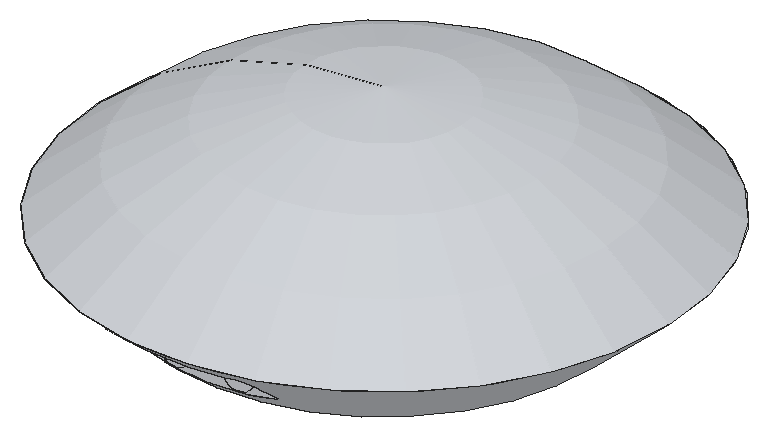
Revit family "0049011 Sylvania Lighting Fixture Start Surface IP66 1500lm 840 EM IK10 BLK", category Lighting Fixtures, host Face, Revit 2016
Family settings
  Host = Face
  Part Type = Normal
  Round Connector Dimension = Use Diameter
  OmniClass Number = 23.80.70.00
  OmniClass Title = Lighting
  Cut with Voids When Loaded = No
  Light Source = Yes
  Shared = No
  Room Calculation Point = No
Parameters (values of type "Type Name")
  power entry width = 90 mm
  power entry height = 28 mm
  power connector height = 12.5 mm
  power connector centres = 39 mm
  height = 110 mm
  connector position 2 = 40 mm
  connector length = 2 mm
  base height = 40 mm
  backplate diameter = 256 mm
  Weight = ""
  Wattage Comments = ""
  Wattage = 9.2903 W
  WarrantyStartDate [instance] = "n/a"
  WarrantyGuarantorParts = "n/a"
  WarrantyDurationUnit = "n/a"
  WarrantyDurationParts = "n/a"
  WarrantyDescription = "n/a"
  built-in parameter 1150110 = 1 (stored number, unit not read)
  Voltage = 0 V
  URL = "http://www.feilosylvania.com"
  TypeName = ""
  Type Image = <None>
  Type Comments = "n/a"
  Tube Diameter = 80 mm
  built-in parameter 1114217 = 1 (stored number, unit not read)
  Tilt Angle = 90.00°
  built-in parameter 1150109 = 1 (stored number, unit not read)
  built-in parameter 1150134 = 3
  built-in parameter 1150113 = 1 (stored number, unit not read)
  SerialNumber [instance] = "n/a"
  Photometric Web File = "0049011.ies"
  Material_3_FEILO = none
  PowerFactor = 0
  PowerConsumption = ""
  NominalLength = 0 mm
  NominalHeight = 0 mm
  NominalDepth = 0 mm
  Name = ""
  ModelReference = Name  # ""
  ModelNumber = ""
  Model = Name  # ""
  Material = ""
  ManufacturerName = "Feilo Sylvania"
  Manufacturer = "Feilo Sylvania"
  LuminousEfficacy = ""
  built-in parameter 1150105 = 109.82 (stored number, unit not read)
  Lumens = 1380 lm
  LuminaireType = ""
  built-in parameter 1150115 = 1 (stored number, unit not read)
  LightOutputRatio = ""
  built-in parameter 1150137 = (empty or 0)
  built-in parameter 1150139 = (empty or 0)
  LampsType = Lamp  # ""
  LampNominalLuminous = ""
  LampMacAdamStep = ""
  LampColourTemperature = ""
  LampColourRenderingIndex = ""
  built-in parameter 1150112 = 1 (stored number, unit not read)
  built-in parameter 1150114 = 1 (stored number, unit not read)
  Lamp = ""
  Keynote = "16500"
  InstallationDate [instance] = "n/a"
  InputVoltage = ""
  InputNominalFrequency = ""
  built-in parameter 1150132 = (empty or 0)
  built-in parameter 1150102 = (empty or 0)
  built-in parameter 1150107 = 3200 (stored number, unit not read)
  built-in parameter 1150138 = (empty or 0)
  IngressProtection = ""
  ImpactProtectionIndex = ""
  built-in parameter 1150106 = 1.0982 (stored number, unit not read)
  IfcExportType = "IfcLightFixtureType"
  IfcExportAs = "IfcLightFixtureType"
  Height = 250 mm
  ExpectedLife = 50000
  Emit from Circle Diameter = 609.6 mm
  Emit Shape Visible in Rendering = no
  ElectricShockClassification = ""
  built-in parameter 1150104 = 13.8 (stored number, unit not read)
  DurationUnit = "hours"
  DocumentationLiterature = ""
  DimmingControlOptions = ""
  Material_2_FEILO = none
  Dimming Lamp Color Temperature Shift = <None>
  Diameter = 350 mm
  Description = ""
  Default Elevation = 1219.2 mm
  CreatedOn = ""
  CreatedBy = ""
  Cost = 0
  Color Filter = 16777215
  built-in parameter 1114216 [instance] = (empty or 0)
  ClassificationValue = "EF_70_80"
  ClassificationName = "Uniclass2015"
  Material_1_FEILO = none
  BarCode [instance] = "n/a"
  built-in parameter 1114218 = 1 (stored number, unit not read)
  built-in parameter 1150133 = 10 (stored number, unit not read)
  AssetType = ""
  AssetIdentifier [instance] = "n/a"
  Assembly Code = "D5020200"
  Apparent Load = 0 VA
  Material_4_FEILO = none
Reference planes
  plane 1 "Center (Front/Back)": y = 0
  plane 2: z = 0
  plane 3 "Center (Left/Right)": x = 0
  plane 4: z = 0
  plane 5: y = 128
  plane 6: y = -128
  plane 7: y = 175
  plane 8: y = -175
  plane 9: z = 40
  plane 10: z = 110
  plane 11: x = -45.686
  plane 12: x = 44.314
  plane 13: z = 5
  plane 14: z = 33
  plane 15: y = -135
  plane 16: x = 19.5
  plane 17: x = -19.5
  plane 18: z = 20.5
  plane 19: y = -137
  plane 20: y = 135
Forms (mm)
  Blend 1, solid, detail levels medium+fine
    base sketch origin (4.2, 0, 0) x (1, 0, 0) y (0, 1, 0)
      loop
        circle (-4.2, 0) r 128
    top sketch origin (4.2, 0, 0) x (1, 0, 0) y (0, 1, 0)
      loop
        circle (-4.2, 0) r 175
    from 0 to 40
  Revolve 2, solid, detail levels medium+fine
    sketch origin (0, 0, 0) x (1, 0, 0) y (0, 0, 1)
      loop
        arc (175, 40) -> (94.148, 91.621) -> (0, 110) r 257.018
        line (0, 110) -> (0, 40) -> (175, 40)
      axis (0, 110) -> (0, 40)
    angle from -180 to 179.914
  Extrusion 3, void
    sketch origin (0, 0, 0) x (1, 0, 0) y (0, 0, 1)
      loop
        line (-45.686, 25.025) -> (-45.686, 5) -> (44.314, 5) -> (44.314, 25.025)
        arc (44.314, 25.025) -> (42.644, 30.018) -> (38.304, 33) r 8.297
        line (38.304, 33) -> (-39.676, 33)
        arc (-39.676, 33) -> (-44.015, 30.018) -> (-45.686, 25.025) r 8.297
    from 135 to 166.869
  Extrusion 4, solid, detail levels fine
    sketch origin (1524, -324.9, 1219.2) x (1, 0, 0) y (0, 0, 1)
      loop
        circle (-1504.5, -1198.7) r 11
      loop
        circle (-1543.5, -1198.7) r 11
    from -189.9 to -187.9
  Extrusion 5, void
    sketch origin (-0.686, -5.131, 0) x (-1, 0, 0) y (0, 0, 1)
      loop
        line (-45.686, 25.025) -> (-45.686, 5) -> (44.314, 5) -> (44.314, 25.025)
        arc (44.314, 25.025) -> (42.644, 30.018) -> (38.304, 33) r 8.297
        line (38.304, 33) -> (-39.676, 33)
        arc (-39.676, 33) -> (-44.015, 30.018) -> (-45.686, 25.025) r 8.297
    from 140.131 to 175.131
  Extrusion 6, solid
    sketch origin (1524, -52.9, 1219.2) x (1, 0, 0) y (0, 0, 1)
      loop
        circle (-1504.5, -1198.7) r 11
      loop
        circle (-1543.5, -1198.7) r 11
    from -189.9 to -187.9
  Extrusion 7, solid, detail levels coarse
    sketch origin (0, 1219.2, 38) x (1, 0, 0) y (0, 1, 0)
      loop
        line (175.117, -1396.13) -> (175.117, -1044.2) -> (-175, -1044.2) -> (-175, -1396.13) -> (175.117, -1396.13)
    from -38 to 72
Cuts and joins
  Extrusion 3, Extrusion 5 cuts Blend 1
  Extrusion 5 cuts Extrusion 4
Dimensions and locks
  "backplate diameter": plane 5 to plane 6
  equal spacing: plane 5, plane 1 "Center (Front/Back)", plane 6
  "Diameter": plane 7 to plane 8
  equal spacing: plane 7, plane 1 "Center (Front/Back)", plane 8
  "base height": plane 9 to level
  "height": plane 10 to host face
  "power entry width": plane 12 to plane 11
  plane 12 to imposter light to plane 11 = 44.201 mm, 45.799 mm
  "power entry height": plane 14 to plane 13
  "power connector centres": plane 17 to plane 16
  equal spacing: plane 17, plane 3 "Center (Left/Right)", plane 16
  "power connector height": plane 18 to plane 14
  "connector length": plane 15 to plane 19
  "connector position 2": plane 7 to plane 20
  aligned and locked: plane 2 to host face
  aligned and locked: level to host face
  aligned and locked: plane 10 to Extrusion 7
Automatic sketch dimensions
  host sketch curve to host sketch curve = 2438.4 mm  (x2)
  plane 1 "Center (Front/Back)" to Blend 1 sketch curve = 0 mm  (x2)
  Blend 1 sketch curve to plane 3 "Center (Left/Right)" = 0 mm  (x2)
  Revolve 2 sketch curve to plane 3 "Center (Left/Right)" = 0 mm  (x2)
  Revolve 2 sketch curve to plane 9 = 0 mm
  Revolve 2 sketch curve to plane 10 = 0 mm
  Revolve 2 sketch curve to plane 3 "Center (Left/Right)" = 1.306 mm
  plane 3 "Center (Left/Right)" to Revolve 2 sketch curve = 175 mm
  Revolve 2 sketch curve to level = 47.821 mm
  Revolve 2 sketch curve to Revolve 2 sketch curve = 80 mm
  Extrusion 3 sketch curve to plane 11 = 0 mm
  Extrusion 3 sketch curve to plane 14 = 0 mm
  Extrusion 3 sketch curve to plane 12 = 0 mm
  Extrusion 3 sketch curve to plane 13 = 0 mm
  plane 11 to Extrusion 3 sketch curve = 6.01 mm
  plane 18 to Extrusion 3 sketch curve = 4.525 mm  (x2)
  Extrusion 3 sketch curve to Extrusion 3 sketch curve = 8.297 mm
  plane 17 to Extrusion 4 sketch curve = 0 mm
  plane 16 to Extrusion 4 sketch curve = 0 mm
  Extrusion 4 sketch curve to plane 18 = 0 mm  (x2)
  Extrusion 5 sketch curve to plane 13 = 0 mm
  Extrusion 5 sketch curve to plane 14 = 0 mm
  plane 12 to Extrusion 5 sketch curve = 0.686 mm
  Extrusion 5 sketch curve to plane 12 = 5.324 mm
  plane 18 to Extrusion 5 sketch curve = 4.525 mm
  plane 11 to Extrusion 5 sketch curve = 8.982 mm
  plane 11 to Extrusion 5 sketch curve = 6.696 mm
  plane 11 to Extrusion 5 sketch curve = 0.686 mm
  plane 17 to Extrusion 6 sketch curve = 0 mm
  plane 16 to Extrusion 6 sketch curve = 0 mm
  Extrusion 6 sketch curve to plane 18 = 0 mm  (x2)
  Extrusion 7 sketch curve to plane 8 = 1.93 mm
  Extrusion 7 sketch curve to plane 11 = 129.314 mm
  plane 12 to Extrusion 7 sketch curve = 130.802 mm
  plane 5 to Extrusion 7 sketch curve = 47 mm
  radius of Blend 1 sketch curve = 128 mm
  radius of Blend 1 sketch curve = 175 mm
  radius of Extrusion 4 sketch curve = 11 mm  (x2)
  radius of Extrusion 6 sketch curve = 11 mm  (x2)
Connectors
  electrical at (19.5, 137, 20.5)
    settings: on Extrusion 6, index 1, voltage 0 V, apparent load 0 VA, apparent load phase1 0 VA, apparent load phase2 0 VA, apparent load phase3 0 VA, power factor 1, load classification "Other", number of poles 1, system type 31, power factor state 1, is connector primary yes, connector utility no, sub classification motor no, connector description ""
